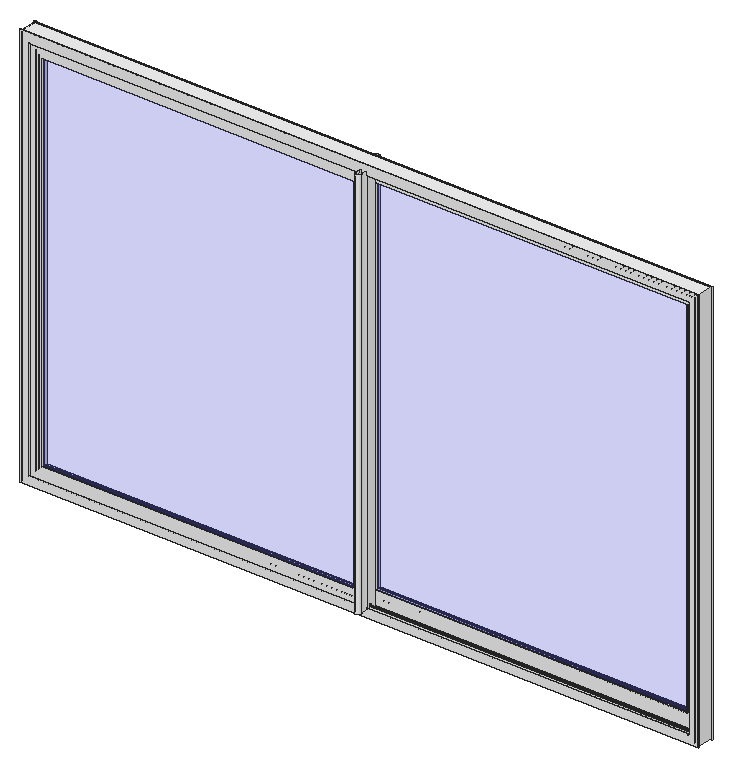
Revit family "1000_Sliding_Window_XO_Standard", category Windows, host Wall, Revit 2014
Parameters (values of type "1000SW-3018XO-2000Pa")
  Windload Design = if(Custom Windload < 1001 mm, 1000 mm, if(Custom Windload < 1501 mm, 1500 mm, 2000 mm))  # 2000 mm
  Width Sash Right [instance] = 1495.7 mm
  Width Sash Left [instance] = 1495.7 mm
  Width = if(Custom Window Width < Limit Window Width Min, Limit Window Width Min, if(Custom Window Width > Limit Window Width Max, Limit Window Width Max, Custom Window Width))  # 2990 mm
  Wall Thickness [instance] = 200 mm
  URL = "http://www.crealco.co.za/crealco-products.php"
  Thermal Resistance (R) [instance] = if(IGDB or SAGDB Number = 1000015, 1.0000 (m²·K)/W / Clearvue U Value, if(IGDB or SAGDB Number = 9922, 1.0000 (m²·K)/W / Energy Advantage U Value, if(IGDB or SAGDB Number = 100100, 1.0000 (m²·K)/W / Intruderprufe U Value, if(IGDB or SAGDB Number = 103200, 1.0000 (m²·K)/W / Intruderprufe LowE U Value, 1.0000 (m²·K)/W / 7.9)))) * 1  # 0.126582 (m²·K)/W
  Standard Interlocker = not(Heavy Duty Interlocker)  # no
  Solar Heat Gain Coefficient [instance] = if(IGDB or SAGDB Number = 1000015, Clearvue SHGC Value, if(IGDB or SAGDB Number = 9922, Energy Advantage SHGC Value, if(IGDB or SAGDB Number = 100100, Intruderprufe SHGC Value, if(IGDB or SAGDB Number = 103200, Intruderprufe LowE SHGC Value, 0))))  # 0
  Sash Width Right = (Width - (2 mm * 28.7) - Sash Width Left) + 58.8 mm  # 1495.7 mm
  Sash Width Left = if(Equal Sash Width, ((Width - (2 mm * 28.7)) / 2) + 29.4 mm, if(Custom Sash Width Left < Limit Sash Width Left Min, Limit Sash Width Left Min, if(Custom Sash Width Left > Limit Sash Width Left Max, Limit Sash Width Left Max, Custom Sash Width Left)))  # 1495.7 mm
  Sash Height = Height - (2 mm * 28.7)  # 1732.6 mm
  Sash Frame Seal = 2 mm  # constant formula
  Overall Width [instance] = 2990 mm
  Overall Height [instance] = 1790 mm
  Model = "1000"  # constant formula
  Max Pane Area = if(Area Right Sash Glazing > Area Left Sash Glazing, Area Right Sash Glazing, Area Left Sash Glazing)  # 2.2768 m²
  Manufacturer = "Crealco"  # constant formula
  Limit Window Width Min = (2 * Limit Sash Width Min) + (2 mm * 28.7) - 58.8 mm  # 598.6 mm
  Limit Window Width Max = (2 * Limit Sash Width Max) + (2 mm * 28.7) - 58.8 mm  # 2998.6 mm
  Limit Window Height Min = Limit Sash Height Min + (2 mm * 28.7)  # 357.4 mm
  Limit Window Height Max = Limit Sash Height Max + (2 mm * 28.7)  # 1857.4 mm
  Limit Sash Width Min = 300 mm  # constant formula
  Limit Sash Width Max = 1500 mm  # constant formula
  Limit Sash Width Left Min = if(Width - (2 mm * 28.7) - Limit Sash Width Max + 58.8 mm < Limit Sash Width Min, Limit Sash Width Min, Width - (2 mm * 28.7) - Limit Sash Width Max + 58.8 mm)  # 1491.4 mm
  Limit Sash Width Left Max = if(Width - (2 mm * 28.7) - Limit Sash Width Min + 58.8 mm > Limit Sash Width Max, Limit Sash Width Max, Width - (2 mm * 28.7) - Limit Sash Width Min + 58.8 mm)  # 1500 mm
  Limit Sash Height Min = 300 mm  # constant formula
  Limit Sash Height Max = 1800 mm  # constant formula
  Is Heavy Duty Mullion = if(Windload Design = 1000 mm, if(and(Width > 1190 mm, Height > 1490 mm), 1 mm, 0 mm), if(Windload Design = 1500 mm, if(or(and(Width > 1490 mm, Height > 1190 mm), Height > 1490 mm), 1 mm, 0 mm), if(or(and(Width > 1190 mm, Height > 1190 mm), Height > 1490 mm), 1 mm, 0 mm)))  # 1 mm
  Intruderprufe U Value = 5.92
  Intruderprufe SHGC Value = 0.698
  Intruderprufe LowE U Value = 4.21
  Intruderprufe LowE SHGC Value = 0.61
  IGDB or SAGDB Number [instance] = 0
  Height Sash [instance] = 1732.6 mm
  Height = if(Custom Window Height < Limit Window Height Min, Limit Window Height Min, if(Custom Window Height > Limit Window Height Max, Limit Window Height Max, Custom Window Height))  # 1790 mm
  Heavy Duty Interlocker = if(Is Heavy Duty Mullion = 1 mm, 1 = 1, 1 = 0)  # yes
  Heat Transfer Coefficient (U) [instance] = if(IGDB or SAGDB Number = 1000015, Clearvue U Value, if(IGDB or SAGDB Number = 9922, Energy Advantage U Value, if(IGDB or SAGDB Number = 100100, Intruderprufe U Value, if(IGDB or SAGDB Number = 103200, Intruderprufe LowE U Value, 7.9)))) * 1.0000 W/(m²·K)  # 7.9000 W/(m²·K)
  Glazing Thickness [instance] = if(IGDB or SAGDB Number = 1000015, 4 mm, if(IGDB or SAGDB Number = 9922, 4 mm, if(IGDB or SAGDB Number = 100100, 6 mm, if(IGDB or SAGDB Number = 103200, 7 mm, if(not(Max Pane Area > 0.75 m²), 4 mm, if(not(Max Pane Area > 1.50 m²), 4 mm, if(not(Max Pane Area > 2.10 m²), 5 mm, if(not(Max Pane Area > 2.90 m²), 6.4 mm, if(not(Max Pane Area > 4.30 m²), 8 mm, 10 mm)))))))))  # 6.4 mm
  Glazing Material [instance] = if(IGDB or SAGDB Number = 1000015, "PFG CLEARVUE 4mm", if(IGDB or SAGDB Number = 9922, "PFG ENERGY ADVANTAGE 4mm LOW-E", if(IGDB or SAGDB Number = 100100, "PFG INTRUDERPRUFE 6.38mm", if(IGDB or SAGDB Number = 103200, "PFG INTRUDERPRUFE LOW-E 7.38mm", "Unknown"))))  # "Unknown"
  Glazing Finish [instance] = Glass
  Glazing Code [instance] = if(IGDB or SAGDB Number = 1000015, "CF4", if(IGDB or SAGDB Number = 9922, "CF4E", if(IGDB or SAGDB Number = 100100, "LAM01", if(IGDB or SAGDB Number = 103200, "LAM01E", "Unknown"))))  # "Unknown"
  Frame Thickness = 75.7 mm  # constant formula
  Frame Offset From Exterior [instance] = Frame Thickness / 2  # 37.85 mm
  Equal Sash Width = yes
  Energy Advantage U Value = 4.41
  Energy Advantage SHGC Value = 0.659
  Description = "Sliding window, XO"  # constant formula
  Default Sill Height = 800 mm
  Wall Closure = By host
  Custom Window Width = 2990 mm
  Custom Window Height = 1790 mm
  Custom Windload = 2000 mm
  Custom Sash Width Left = 0 mm
  Custom Frame Offset From Exterior = 0 mm
  Clearvue U Value = 6.17
  Clearvue SHGC Value = 0.737
  Centered In Wall = yes
  Area Right Sash Glazing = (Sash Width Right - (50.3 mm * 2)) * (Sash Height - (50.3 mm * 2))  # 2.2768 m²
  Area Left Sash Glazing = (Sash Width Left - (50.3 mm * 2)) * (Sash Height - (50.3 mm * 2))  # 2.2768 m²
  Aluminium Finish [instance] = White Powder Coated Aluminium ANP 1052
  All Available Glazing Numbers [instance] = "The rows below list the available glazing materials for this window:"  # constant formula
  9922 [instance] = "CF4E"  # constant formula
  103200 [instance] = "LAM01E"  # constant formula
  100100 [instance] = "LAM01"  # constant formula
  1000015 [instance] = "CF4"  # constant formula
Reference planes
  plane 1 "Center (Front/Back)": y = 0
  plane 2 "Center (Left/Right)": x = 0
  plane 3 "Left": x = -1495
  plane 4 "Right": x = 1495
  plane 5 "Sill": z = 800
  plane 6 "Head": z = 2590
  plane 7 "Exterior": y = 100
  plane 8 "Interior": y = -100
Lines and regions (mm)
  Opening 1
    outline origin (3500, -100, 0) x (1, 0, 0) y (0, 0, 1)
      loop
        line (-2005, 800) -> (-2005, 2590) -> (-4995, 2590) -> (-4995, 800) -> (-2005, 800)
Text (mm)
  text "EXTERIOR" at (-1963.203, 1332.353, 0), in view "Ref. Level"
  text "INTERIOR" at (-1981.466, -818.386, 0), in view "Ref. Level"
  text "Exterior" at (0, 923.751, 2943.296), in view "Right"
  text "Exterior" at (0, 1040.484, 2685.409), in view "Left"
Dimensions and locks
  equal spacing: plane 3 "Left", plane 2 "Center (Left/Right)", plane 4 "Right"
  "Width": plane 3 "Left" to plane 4 "Right"
  "Height": plane 5 "Sill" to plane 6 "Head"
  "Default Sill Height": plane 5 "Sill" to level
  locked: plane 7 "Exterior" to host wall at 0
  locked: plane 8 "Interior" to host wall
  "Overall Height": plane 6 "Head" to plane 5 "Sill"
  "Overall Width": plane 3 "Left" to plane 4 "Right"
  "Frame Offset From Exterior": host wall to nested 1
  "Sash Frame Seal": nested 1 to nested 3
  "Sash Frame Seal": nested 2 to nested 1
  "Width Sash Left": nested 3 to nested 3
  "Width Sash Right": nested 2 to nested 2
  "Height Sash": nested 3 to nested 3
  "Wall Thickness": host wall to host wall
  aligned and locked: nested 1 to nested 3
  aligned and locked: nested 2 to nested 1  (x2)
  aligned and locked: nested 3 to nested 1
  aligned and locked: nested 1 to plane 6 "Head"
  aligned and locked: nested 1 to plane 4 "Right"
  aligned and locked: nested 4 to nested 3  (x3)
  aligned and locked: nested 5 to nested 2
  aligned and locked: nested 2 to nested 5
  aligned and locked: nested 7 to nested 2  (x2)
  aligned and locked: nested 2 to nested 7
  aligned and locked: nested 6 to nested 3  (x3)
  aligned and locked: nested 7 to nested 5
Automatic sketch dimensions
  plane 3 "Left" to Opening 1 sketch curve = 0 mm
  plane 4 "Right" to Opening 1 sketch curve = 0 mm
  Opening 1 sketch curve to plane 5 "Sill" = 0 mm
  Opening 1 sketch curve to plane 6 "Head" = 0 mm
Nested families
  nested 1: "1000_Outer_Frame_With_Lip_XO_Std" at (-1495, -37.85, 800) x (-1, 0, 0) z (0, 0, 1), Width <- "Width", Height <- "Height", Profile Material <- "Aluminium Finish", type "1000_Outer_Frame_With_Lip_XO_Std"
    with Width 2990 mm, Profile Material White Powder Coated Aluminium ANP 1052, Height 1790 mm
  nested 2: "1000_Sash_SG_XO_Std" at (29.401, -2.15, 828.699), Sash Height <- "Sash Height", Sash Width <- "Sash Width Right", Profile Material <- "Aluminium Finish", Glazing Thickness <- "Glazing Thickness", Glazing Material <- "Glazing Finish", type "1000_Sash_SG_XO_Std"
    with Sash Width 1495.7 mm, Sash Height 1732.6 mm, Right Sliding no, Profile Material White Powder Coated Aluminium ANP 1052, Length Arrow Tip 140.919 mm, Length Arrow 465.033 mm, Left Sliding no, Is Sliding no, Glazing Thickness 6.4 mm, Glazing Start -3.2 mm, Glazing Material Glass, Glazing End 3.2 mm, Arrow Tip Length 140.919 mm, Arrow Left Gap 515.333 mm, Arrow Bottom Gap 866.3 mm
  nested 3: "1000_Sash_SG_XO_Std" at (1466.299, 37.85, 828.699), Sash Height <- "Sash Height", Sash Width <- "Sash Width Left", Profile Material <- "Aluminium Finish", Glazing Thickness <- "Glazing Thickness", Glazing Material <- "Glazing Finish", type "1000_Sash_SG_XO_Std"
    with Sash Width 1495.7 mm, Sash Height 1732.6 mm, Right Sliding yes, Profile Material White Powder Coated Aluminium ANP 1052, Length Arrow Tip 140.919 mm, Length Arrow 465.033 mm, Left Sliding no, Is Sliding yes, Glazing Thickness 6.4 mm, Glazing Start -3.2 mm, Glazing Material Glass, Glazing End 3.2 mm, Arrow Tip Length 140.919 mm, Arrow Left Gap 515.333 mm, Arrow Bottom Gap 866.3 mm
  nested 4: "1000_Clip_On_Interlocker_XO_Std" at (1.599, 1.55, 828.699) x (0, 1, 0) z (0, 0, 1), Clip On Interlocker Length <- "Sash Height", visible <- "Standard Interlocker", type "1000_Clip_On_Interlocker_XO_Std"
    with Profile Material none, Clip On Interlocker Length 1732.6 mm
  nested 5: "1000_Clip_On_Interlocker_XO_Std" at (-1.599, 6.15, 828.699) x (0, -1, 0) z (0, 0, 1), Clip On Interlocker Length <- "Sash Height", visible <- "Standard Interlocker", type "1000_Clip_On_Interlocker_XO_Std"
    with Profile Material none, Clip On Interlocker Length 1732.6 mm
  nested 6: "1000_Heavy_Duty_Interlocker_XO_Std" at (119.584, -185.916, 828.699) x (0, 1, 0) z (0, 0, 1), visible <- "Heavy Duty Interlocker", Profile Material <- "Aluminium Finish", Heavy Duty Interlocker Length <- "Sash Height", type "1000_Heavy_Duty_Interlocker_XO_Std"
    with Profile Material White Powder Coated Aluminium ANP 1052, Heavy Duty Interlocker Length 1732.6 mm, Heavy Duty Interlocker yes
  nested 7: "1000_Heavy_Duty_Interlocker_XO_Std" at (-119.584, 193.616, 828.699) x (0, -1, 0) z (0, 0, 1), visible <- "Heavy Duty Interlocker", Profile Material <- "Aluminium Finish", Heavy Duty Interlocker Length <- "Sash Height", type "1000_Heavy_Duty_Interlocker_XO_Std"
    with Profile Material White Powder Coated Aluminium ANP 1052, Heavy Duty Interlocker Length 1732.6 mm, Heavy Duty Interlocker yes
Definition of nested family "1000_Outer_Frame_With_Lip_XO_Std"
  Parameters (values of type "1000_Outer_Frame_With_Lip")
    Width [instance] = 1200 mm
    Profile Material [instance] = none
    Height [instance] = 1800 mm
  Reference planes
    plane 1 "Center (Front/Back)": y = 0
    plane 2: z = 0
    plane 3 "Center (Left/Right)": x = 0
  Forms (mm)
    Sweep 1, solid, material <- "Profile Material"
      path origin (0, 0, 0) x (1, 0, 0) y (0, 0, 1)
        loop
          line (0, 0) -> (0, 1800) -> (-1200, 1800) -> (-1200, 0) -> (0, 0)
      profile origin (-600, 0, 0) x (0, 0, -1) y (0, -1, 0)
        loop
          line (0, 0) -> (0, 1.4) -> (-4.241, 1.4) -> (-4.241, 42) -> (-4.241, 74.3) -> (0, 74.3) -> (0, 75.7) -> (-18.001, 75.7) -> (-18.001, 67.7) -> (-38.001, 67.7) -> (-39.788, 62.338) -> (-39.788, 61.062) -> (-38.001, 55.7) -> (-28.701, 55.7) -> (-28.701, 57.1) -> (-36.887, 57.1) -> (-37.885, 60.095) -> (-37.885, 63.305) -> (-36.887, 66.3) -> (-18.001, 66.3) -> (-18.001, 17.1) -> (-36.887, 17.1) -> (-37.885, 20.095) -> (-37.885, 23.305) -> (-36.887, 26.3) -> (-28.701, 26.3) -> (-28.701, 27.7) -> (-38.001, 27.7) -> (-39.788, 22.338) -> (-39.788, 21.062) -> (-38.001, 15.7) -> (-18.001, 15.7) -> (-18.001, 1.4) -> (-39.751, 1.4) -> (-39.751, 0) -> (0, 0)
        loop
          line (-5.641, 74.3) -> (-16.601, 74.3) -> (-16.601, 1.4) -> (-5.641, 1.4) -> (-5.641, 74.3)
  Lines and regions (mm)
    model lines
      curve 1: line (-1200, -75.7, 1800) -> (-1181.999, -75.7, 1781.999)
      curve 2: line (-18.001, -75.7, 1781.999) -> (0, -75.7, 1800)
      curve 3: line (0, -75.7, 0) -> (-18.001, -75.7, 18.001)
      curve 4: line (-1181.999, -75.7, 18.001) -> (-1200, -75.7, 0)
      curve 5: line (-1181.999, -67.7, 18.001) -> (-1161.999, -67.7, 38.001)
      curve 6: line (-38.001, -67.7, 38.001) -> (-18.001, -67.7, 18.001)
      curve 7: line (-18.001, -67.7, 1781.999) -> (-38.001, -67.7, 1761.999)
      curve 8: line (-1181.999, -67.7, 1781.999) -> (-1161.999, -67.7, 1761.999)
      curve 9: line (0, 0, 1800) -> (-39.788, 0, 1760.212)
      curve 10: line (-1200, 0, 1800) -> (-1160.249, 0, 1760.249)
      curve 11: line (-1200, 0, 0) -> (-1160.249, 0, 39.751)
      curve 12: line (0, 0, 0) -> (-39.788, 0, 39.788)
  Dimensions and locks
    "Width": Sweep 1 sketch curve to Sweep 1 sketch curve
    "Height": Sweep 1 sketch curve to Sweep 1 sketch curve
    aligned and locked: level to plane 2
  Automatic sketch dimensions
    Sweep 1 sketch curve to plane 1 "Center (Front/Back)" = 0 mm
    Sweep 1 sketch curve to profile plane = 0 mm  (x2)
    Sweep 1 sketch curve to Sweep 1 sketch curve = 4.241 mm
    Sweep 1 sketch curve to Sweep 1 sketch curve = 1.4 mm  (x8)
    plane 1 "Center (Front/Back)" to Sweep 1 sketch curve = 1.4 mm  (x2)
    Sweep 1 sketch curve to Sweep 1 sketch curve = 10.96 mm
    Sweep 1 sketch curve to Sweep 1 sketch curve = 0 mm  (x3)
    Sweep 1 sketch curve to Sweep 1 sketch curve = 10.7 mm  (x2)
    Sweep 1 sketch curve to Sweep 1 sketch curve = 8.186 mm  (x4)
    plane 1 "Center (Front/Back)" to Sweep 1 sketch curve = 17.1 mm
    Sweep 1 sketch curve to Sweep 1 sketch curve = 0.998 mm  (x2)
    Sweep 1 sketch curve to Sweep 1 sketch curve = 1.114 mm  (x4)
    Sweep 1 sketch curve to Sweep 1 sketch curve = 1.75 mm
    Sweep 1 sketch curve to Sweep 1 sketch curve = 1.904 mm  (x2)
    Sweep 1 sketch curve to Sweep 1 sketch curve = 2.995 mm  (x4)
    Sweep 1 sketch curve to Sweep 1 sketch curve = 0.967 mm  (x4)
    Sweep 1 sketch curve to Sweep 1 sketch curve = 1.276 mm  (x2)
    Sweep 1 sketch curve to Sweep 1 sketch curve = 14.3 mm
    Sweep 1 sketch curve to Sweep 1 sketch curve = 28 mm
    Sweep 1 sketch curve to Sweep 1 sketch curve = 6.6 mm
    curve 3 to Sweep 1 = 0 mm  (x3)
    Sweep 1 to curve 3 = 0 mm
    curve 2 to Sweep 1 = 0 mm  (x4)
    curve 1 to Sweep 1 = 0 mm  (x4)
    curve 4 to Sweep 1 = 0 mm  (x3)
    Sweep 1 to curve 4 = 0 mm
    curve 7 to Sweep 1 = 0 mm  (x4)
    curve 6 to Sweep 1 = 0 mm  (x3)
    Sweep 1 to curve 6 = 0 mm
    curve 5 to Sweep 1 = 0 mm  (x3)
    Sweep 1 to curve 5 = 0 mm
    curve 8 to Sweep 1 = 0 mm  (x4)
    curve 12 to Sweep 1 = 0 mm  (x2)
    curve 9 to Sweep 1 = 0 mm
    Sweep 1 to curve 9 = 0 mm
    curve 11 to Sweep 1 = 0 mm  (x4)
    curve 10 to Sweep 1 = 0 mm  (x3)
    Sweep 1 to curve 10 = 0 mm
    curve 12 to Sweep 1 = 0.037 mm  (x2)
    curve 9 to Sweep 1 = 0.037 mm  (x2)
    Sweep 1 sketch curve to level = 0 mm
    Sweep 1 sketch curve to plane 3 "Center (Left/Right)" = 0 mm
Definition of nested family "1000_Sash_SG_XO_Std"
  Parameters (values of type "1000_Sash_SG")
    Sash Width [instance] = 450 mm
    Sash Height [instance] = 600 mm
    Right Sliding [instance] = yes
    Profile Material [instance] = White Powder Coated Aluminium ANP 1052
    Length Arrow Tip [instance] = Length Arrow / 3.3  # 35.293 mm
    Length Arrow [instance] = (Sash Width - (2 * 50.3 mm)) / 3  # 116.467 mm
    Left Sliding [instance] = yes
    Is Sliding [instance] = if(or(Right Sliding, Left Sliding), 1 = 1, 1 = 2)  # yes
    Glazing Thickness [instance] = 6.4 mm
    Glazing Start [instance] = -Glazing Thickness / 2  # -3.2 mm
    Glazing Material [instance] = Glass
    Glazing Frame Gap = 5 mm  # constant formula
    Glazing End [instance] = Glazing Thickness / 2  # 3.2 mm
    Arrow Tip Length [instance] = if((Sash Height - (2 * 50.3 mm)) / 8 > Length Arrow / 3.3, Length Arrow / 3.3, (Sash Height - (2 * 50.3 mm)) / 8)  # 35.293 mm
    Arrow Tip Angle = 45.00°
    Arrow Left Gap [instance] = (Sash Width - Length Arrow) / 2  # 166.767 mm
    Arrow Bottom Gap [instance] = Sash Height / 2  # 300 mm
  Reference planes
    plane 1 "Center (Front/Back)": y = 0
    plane 2: z = 0
    plane 3 "Center (Left/Right)": x = 0
    plane 4: y = -14
  Forms (mm)
    Sweep 1, solid, material "White Powder Coated Aluminium ANP 1052" <- "Profile Material"
      path origin (0, 0, 0) x (1, 0, 0) y (0, 0, 1)
        loop
          line (0, 0) -> (0, 600) -> (-450, 600) -> (-450, 0) -> (0, 0)
      profile origin (-225, 0, 0) x (0, 0, -1) y (0, -1, 0)
        loop
          line (-60, 0) -> (0, 0) -> (0, 6) -> (-1.3, 6) -> (-1.3, 1.3) -> (-31.5, 1.3) -> (-31.5, 5) -> (-30, 5) -> (-30, 23) -> (-31.5, 23) -> (-31.5, 26.7) -> (-1.3, 26.7) -> (-1.3, 22) -> (0, 22) -> (0, 28) -> (-60, 28) -> (-60, 20) -> (-58.7, 20) -> (-58.7, 26.7) -> (-45.3, 26.7) -> (-45.3, 1.3) -> (-58.7, 1.3) -> (-58.7, 8) -> (-60, 8) -> (-60, 0)
        loop
          line (-44, 26.7) -> (-44, 1.3) -> (-33, 1.3) -> (-33, 6.3) -> (-31.5, 6.3) -> (-31.5, 21.7) -> (-33, 21.7) -> (-33, 26.7) -> (-44, 26.7)
    Extrusion 2, solid, material "Glass" <- "Glazing Material"
      sketch origin (-1130, -14, 1200) x (-1, 0, 0) y (0, 0, 1)
        loop
          line (-730.3, -650.3) -> (-1079.7, -650.3) -> (-1079.7, -1149.7) -> (-730.3, -1149.7) -> (-730.3, -650.3)
      from -3.2 <- "Glazing Start" to 3.2 <- "Glazing End"
  Lines and regions (mm)
    model lines
      curve 1: line (-390, 0, 540) -> (-450, 0, 600)
      curve 2: line (-60, 0, 540) -> (0, 0, 600)
      curve 3: line (0, 0, 0) -> (-60, 0, 60)
      curve 4: line (-390, 0, 60) -> (-450, 0, 0)
      curve 5: line (-60, -28, 540) -> (0, -28, 600)
      curve 6: line (-390, -28, 540) -> (-450, -28, 600)
      curve 7: line (-450, -28, 0) -> (-390, -28, 60)
      curve 8: line (0, -28, 0) -> (-60, -28, 60)
    model lines, visible <- "Is Sliding"
      curve 9: line (-283.233, -10.8, 300) -> (-166.767, -10.8, 300)
    model lines, visible <- "Left Sliding"
      curve 10: line (-166.767, -10.8, 300) -> (-191.723, -10.8, 324.956)
      curve 11: line (-166.767, -10.8, 300) -> (-191.723, -10.8, 275.044)
    model lines, visible <- "Right Sliding"
      curve 12: line (-283.233, -10.8, 300) -> (-258.277, -10.8, 324.956)
      curve 13: line (-283.233, -10.8, 300) -> (-258.277, -10.8, 275.044)
  Dimensions and locks
    "Sash Width": Sweep 1 sketch curve to Sweep 1 sketch curve
    "Sash Height": Sweep 1 sketch curve to Sweep 1 sketch curve
    "Glazing Frame Gap": Sweep 1 to Extrusion 2 sketch curve
    "Glazing Frame Gap": Extrusion 2 sketch curve to Sweep 1  (x3)
    "Length Arrow": curve 9 to curve 9
    "Arrow Left Gap": plane 3 "Center (Left/Right)" to curve 9
    "Arrow Bottom Gap": level to curve 9
    "Arrow Tip Length": curve 11 to curve 10
    "Arrow Tip Length": curve 11 to curve 11
    "Length Arrow Tip": curve 13 to curve 13
    "Length Arrow Tip": curve 13 to curve 12
    "Arrow Tip Angle": angle curve 11 to curve 9
    "Arrow Tip Angle": angle curve 9 to curve 10
    "Arrow Tip Angle": angle curve 12 to curve 9
    "Arrow Tip Angle": angle curve 9 to curve 13
    aligned and locked: level to plane 2
  Automatic sketch dimensions
    curve 2 to Sweep 1 = 0 mm  (x4)
    curve 3 to Sweep 1 = 0 mm  (x3)
    Sweep 1 to curve 3 = 0 mm
    curve 1 to Sweep 1 = 0 mm  (x4)
    curve 4 to Sweep 1 = 0 mm  (x3)
    Sweep 1 to curve 4 = 0 mm
    curve 8 to Sweep 1 = 0 mm  (x4)
    curve 5 to Sweep 1 = 0 mm  (x3)
    Sweep 1 to curve 5 = 0 mm
    curve 7 to Sweep 1 = 0 mm  (x4)
    curve 6 to Sweep 1 = 0 mm  (x3)
    Sweep 1 to curve 6 = 0 mm
    Sweep 1 sketch curve to plane 1 "Center (Front/Back)" = 0 mm
    Sweep 1 sketch curve to profile plane = 0 mm  (x2)
    profile plane to Sweep 1 sketch curve = 1.3 mm
    Sweep 1 sketch curve to Sweep 1 sketch curve = 1.3 mm  (x7)
    Sweep 1 sketch curve to Sweep 1 sketch curve = 28.7 mm
    plane 1 "Center (Front/Back)" to Sweep 1 sketch curve = 1.3 mm  (x2)
    Sweep 1 sketch curve to Sweep 1 sketch curve = 1.5 mm  (x5)
    Sweep 1 sketch curve to Sweep 1 sketch curve = 11 mm
    Sweep 1 sketch curve to Sweep 1 sketch curve = 13.4 mm  (x2)
    Sweep 1 sketch curve to Sweep 1 sketch curve = 0 mm
    Sweep 1 sketch curve to Sweep 1 sketch curve = 3.7 mm
    Sweep 1 sketch curve to Sweep 1 sketch curve = 4.7 mm  (x2)
    Sweep 1 sketch curve to Sweep 1 sketch curve = 6.7 mm  (x2)
    Sweep 1 sketch curve to Sweep 1 sketch curve = 12 mm
    Sweep 1 sketch curve to Sweep 1 sketch curve = 15.4 mm
    Sweep 1 sketch curve to Sweep 1 sketch curve = 16 mm
    Sweep 1 sketch curve to Sweep 1 sketch curve = 5 mm
    Sweep 1 sketch curve to level = 0 mm
    Sweep 1 sketch curve to plane 3 "Center (Left/Right)" = 0 mm
Definition of nested family "1000_Clip_On_Interlocker_XO_Std"
  Parameters (values of type "1000_Clip_On_Interlocker")
    Profile Material [instance] = none
    Notch Width = 13.1 mm  # constant formula
    Notch Side Gap = 4.8 mm  # constant formula
    Notch Height = 20 mm  # constant formula
    Clip On Interlocker Length [instance] = 250 mm
  Reference planes
    plane 1 "Center (Front/Back)": y = 0
    plane 2: z = 0
    plane 3 "Center (Left/Right)": x = 0
  Forms (mm)
    Extrusion 1, solid, material <- "Profile Material"
      sketch origin (0, 0, 0) x (1, 0, 0) y (0, 1, 0)
        loop
          line (0, 32.2) -> (0, 24.6) -> (6.9, 24.6) -> (6.9, 10) -> (0, 10) -> (0, 0) -> (1.2, 0) -> (1.2, 8.8) -> (6.9, 8.8) -> (6.9, 5.7) -> (8.3, 5.7) -> (8.3, 25.8) -> (1.2, 25.8) -> (1.2, 31) -> (14.6, 31) -> (14.6, 24.5) -> (15.775, 24.5) -> (15.775, 31) -> (28.875, 31) -> (28.875, 24.5) -> (30, 24.5) -> (30, 31) -> (33.7, 31) -> (33.7, 32.2) -> (0, 32.2)
      from 0 to 250 <- "Clip On Interlocker Length"
    Extrusion 2, void
      sketch origin (33.075, 32.2, 0) x (1, 0, 0) y (0, 0, 1)
        loop
          line (-4.175, 250) -> (-17.275, 250) -> (-17.275, 230) -> (-4.175, 230) -> (-4.175, 250)
        loop
          line (-4.175, 0) -> (-4.175, 20) -> (-17.275, 20) -> (-17.275, 0) -> (-4.175, 0)
      from 0 to 2
  Cuts and joins
    Extrusion 2 cuts Extrusion 1
  Dimensions and locks
    "Notch Side Gap": Extrusion 1 to Extrusion 2 sketch curve  (x2)
    "Notch Width": Extrusion 2 sketch curve to Extrusion 2 sketch curve  (x2)
    "Notch Height": Extrusion 1 to Extrusion 2 sketch curve
    "Notch Height": Extrusion 2 sketch curve to Extrusion 1
    aligned and locked: level to plane 2
    aligned and locked: Extrusion 1 to Extrusion 2 sketch curve
    aligned and locked: Extrusion 2 sketch curve to Extrusion 1
  Automatic sketch dimensions
    Extrusion 1 sketch curve to plane 3 "Center (Left/Right)" = 0 mm  (x2)
    plane 1 "Center (Front/Back)" to Extrusion 1 sketch curve = 0 mm
    plane 3 "Center (Left/Right)" to Extrusion 1 sketch curve = 1.2 mm  (x2)
    Extrusion 1 sketch curve to Extrusion 1 sketch curve = 5.7 mm
    Extrusion 1 sketch curve to Extrusion 1 sketch curve = 0 mm  (x3)
    Extrusion 1 sketch curve to Extrusion 1 sketch curve = 1.4 mm
    Extrusion 1 sketch curve to Extrusion 1 sketch curve = 6.3 mm
    Extrusion 1 sketch curve to Extrusion 1 sketch curve = 1.175 mm
    Extrusion 1 sketch curve to Extrusion 1 sketch curve = 13.1 mm
    Extrusion 1 sketch curve to Extrusion 1 sketch curve = 1.125 mm
    Extrusion 1 sketch curve to Extrusion 1 sketch curve = 3.7 mm
    Extrusion 1 sketch curve to plane 1 "Center (Front/Back)" = 5.7 mm
    Extrusion 1 sketch curve to Extrusion 1 sketch curve = 3.1 mm
    Extrusion 1 sketch curve to Extrusion 1 sketch curve = 1.2 mm  (x3)
    Extrusion 1 sketch curve to Extrusion 1 sketch curve = 14.5 mm
    Extrusion 1 sketch curve to Extrusion 1 sketch curve = 14.6 mm
    Extrusion 1 sketch curve to Extrusion 1 sketch curve = 6.5 mm  (x2)
Definition of nested family "1000_Heavy_Duty_Interlocker_XO_Std"
  Parameters (values of type "1000_Heavy_Duty_Interlocker")
    Profile Material [instance] = none
    Notch Width = 13 mm  # constant formula
    Notch Side Gap = 15.8 mm  # constant formula
    Notch Height = 20 mm  # constant formula
    Heavy Duty Interlocker Length [instance] = 250 mm
    Heavy Duty Interlocker [instance] = yes
  Reference planes
    plane 1 "Center (Front/Back)": y = 0
    plane 2: z = 0
    plane 3 "Center (Left/Right)": x = 0
  Forms (mm)
    Extrusion 1, solid, material <- "Profile Material", visible <- "Heavy Duty Interlocker"
      sketch origin (374.931, 0, 0) x (-1, 0, 0) y (0, -1, 0)
        loop
          line (158.706, -148.985) -> (158.706, -145.885) -> (157.506, -145.885) -> (157.506, -148.985) -> (151.156, -148.985) -> (151.156, -122.127)
          arc (151.156, -122.127) -> (134.132, -124.551) -> (116.984, -123.281) r 80
          arc (116.984, -123.281) -> (104.109, -136.156) -> (116.984, -149.031) r 12.875
          arc (116.984, -149.031) -> (134.132, -147.761) -> (151.156, -150.185) r 80
          line (151.156, -150.185) -> (187.466, -150.185) -> (187.466, -139.985) -> (186.266, -139.985) -> (186.266, -142.585) -> (180.266, -142.585) -> (180.266, -127.985) -> (186.266, -127.985) -> (186.266, -130.585) -> (187.466, -130.585) -> (187.466, -117.985) -> (186.266, -117.985) -> (186.266, -126.785) -> (180.266, -126.785) -> (180.266, -123.685) -> (179.166, -123.685) -> (179.166, -143.785) -> (186.266, -143.785) -> (186.266, -148.985) -> (172.841, -148.985) -> (172.841, -145.885) -> (171.641, -145.885) -> (171.641, -148.985) -> (158.706, -148.985)
        loop
          arc (149.756, -124.533) -> (149.569, -124.143) -> (149.147, -124.045) r 0.5
          arc (149.147, -124.045) -> (141.472, -125.375) -> (133.704, -125.964) r 81.4
          arc (133.704, -125.964) -> (125.312, -125.766) -> (116.984, -124.704) r 81.4
          arc (116.984, -124.704) -> (105.532, -136.156) -> (116.984, -147.608) r 11.452
          arc (116.984, -147.608) -> (125.312, -146.546) -> (133.704, -146.347) r 81.4
          arc (133.704, -146.347) -> (141.472, -146.937) -> (149.147, -148.266) r 81.4
          arc (149.147, -148.266) -> (149.569, -148.169) -> (149.756, -147.778) r 0.5
          line (149.756, -147.778) -> (149.756, -124.533)
      from 0 to 250 <- "Heavy Duty Interlocker Length"
    Extrusion 2, void
      sketch origin (187.466, 150.185, 0) x (-1, 0, 0) y (0, 0, -1)
        loop
          line (-15.825, -250) -> (-15.825, -230) -> (-28.76, -230) -> (-28.76, -250) -> (-15.825, -250)
        loop
          line (-15.825, 0) -> (-28.76, 0) -> (-28.76, -20) -> (-15.825, -20) -> (-15.825, 0)
      from 0 to 250
  Cuts and joins
    Extrusion 2 cuts Extrusion 1
  Dimensions and locks
    "Notch Height": Extrusion 2 sketch curve to Extrusion 1
    "Notch Height": Extrusion 1 to Extrusion 2 sketch curve
    aligned and locked: level to plane 2
  Automatic sketch dimensions
    Extrusion 1 sketch curve to Extrusion 1 sketch curve = 0 mm  (x22)
    plane 1 "Center (Front/Back)" to Extrusion 1 sketch curve = 136.156 mm
    Extrusion 1 sketch curve to plane 3 "Center (Left/Right)" = 257.947 mm
    Extrusion 1 sketch curve to Extrusion 1 sketch curve = 14.448 mm  (x2)
    plane 1 "Center (Front/Back)" to Extrusion 1 sketch curve = 44.596 mm
    Extrusion 1 sketch curve to Extrusion 1 sketch curve = 32.272 mm
    Extrusion 1 sketch curve to Extrusion 1 sketch curve = 0.5 mm
    Extrusion 1 sketch curve to Extrusion 1 sketch curve = 1.4 mm
    Extrusion 1 sketch curve to Extrusion 1 sketch curve = 6.35 mm
    Extrusion 1 sketch curve to Extrusion 1 sketch curve = 1.2 mm  (x7)
    Extrusion 1 sketch curve to Extrusion 1 sketch curve = 12.935 mm
    Extrusion 1 sketch curve to Extrusion 1 sketch curve = 6.325 mm
    Extrusion 1 sketch curve to Extrusion 1 sketch curve = 1.1 mm
    Extrusion 1 sketch curve to Extrusion 1 sketch curve = 6 mm  (x2)
    Extrusion 1 sketch curve to Extrusion 1 sketch curve = 18.171 mm
    Extrusion 1 sketch curve to Extrusion 1 sketch curve = 4.142 mm
    Extrusion 1 sketch curve to Extrusion 1 sketch curve = 5.7 mm
    Extrusion 1 sketch curve to Extrusion 1 sketch curve = 2.407 mm
    Extrusion 1 sketch curve to Extrusion 1 sketch curve = 3.1 mm  (x2)
    Extrusion 1 sketch curve to Extrusion 1 sketch curve = 2.6 mm  (x2)
    Extrusion 1 sketch curve to Extrusion 1 sketch curve = 9.4 mm
    Extrusion 1 sketch curve to Extrusion 1 sketch curve = 2.1 mm
    Extrusion 1 sketch curve to Extrusion 1 sketch curve = 1.893 mm
    Extrusion 1 sketch curve to Extrusion 1 sketch curve = 5.2 mm
    Extrusion 1 sketch curve to Extrusion 1 sketch curve = 15.443 mm  (x2)
    Extrusion 2 sketch curve to Extrusion 1 = 0 mm  (x2)
    Extrusion 2 sketch curve to Extrusion 1 = 7.55 mm  (x2)
    Extrusion 2 sketch curve to Extrusion 2 sketch curve = 12.935 mm  (x2)
Types (121, lengths in mm): name | Windload Design | Width Sash Right | Width Sash Left | Width | Standard Interlocker | Sash Width Right | Sash Width Left | Sash Height | Overall Width | Overall Height | Max Pane Area | Limit Sash Width Left Min | Limit Sash Width Left Max | Is Heavy Duty Mullion | Intruderprufe U Value | Intruderprufe SHGC Value | Intruderprufe LowE U Value | Intruderprufe LowE SHGC Value | Height Sash | Height | Heavy Duty Interlocker | Glazing Thickness | Energy Advantage U Value | Energy Advantage SHGC Value | Custom Window Width | Custom Window Height | Custom Windload | Clearvue U Value | Clearvue SHGC Value | Area Right Sash Glazing | Area Left Sash Glazing
  (no name) | 2000 | 1495.7 | 1495.7 | 2990 | no | 1495.7 | 1495.7 | 1732.6 | 2990 | 1790 | 2.2768 m² | 1491.4 | 1500 | 1 | 5.92 | 0.698 | 4.21 | 0.61 | 1732.6 | 1790 | yes | 6.4 | 4.41 | 0.659 | 2990 | 1790 | 2000 | 6.17 | 0.737 | 2.2768 m² | 2.2768 m²
  1000SW-0906XO-1000Pa | 1000 | 1500 | 1500 | 890 | yes | 445.7 | 445.7 | 532.6 | 2998.6 | 1857.4 | 0.149083 m² | 300 | 591.4 | 0 | 6.2 | 0.492 | 5.22 | 0.429 | 1800 | 590 | no | 4 | 5.64 | 0.469 | 890 | 590 | 1000 | 6.66 | 0.521 | 0.149083 m² | 0.149083 m²
  1000SW-1206XO-1000Pa | 1000 | 1500 | 1500 | 1190 | yes | 595.7 | 595.7 | 532.6 | 2998.6 | 1857.4 | 0.213883 m² | 300 | 891.4 | 0 | 6.22 | 0.515 | 5.14 | 0.449 | 1800 | 590 | no | 4 | 5.56 | 0.491 | 1190 | 590 | 1000 | 6.69 | 0.546 | 0.213883 m² | 0.213883 m²
  1000SW-1506XO-1000Pa | 1000 | 1500 | 1500 | 1490 | yes | 745.7 | 745.7 | 532.6 | 2998.6 | 1857.4 | 0.278683 m² | 300 | 1191.4 | 0 | 6.23 | 0.529 | 5.08 | 0.461 | 1800 | 590 | no | 4 | 5.52 | 0.505 | 1490 | 590 | 1000 | 6.71 | 0.562 | 0.278683 m² | 0.278683 m²
  1000SW-1806XO-1000Pa | 1000 | 1500 | 1500 | 1790 | yes | 895.7 | 895.7 | 532.6 | 2998.6 | 1857.4 | 0.343483 m² | 300 | 1491.4 | 0 | 6.24 | 0.539 | 5.05 | 4.69 | 1800 | 590 | no | 4 | 5.49 | 0.513 | 1790 | 590 | 1000 | 6.73 | 0.572 | 0.343483 m² | 0.343483 m²
  1000SW-2106XO-1000Pa | 1000 | 1500 | 1500 | 2090 | yes | 1045.7 | 1045.7 | 532.6 | 2998.6 | 1857.4 | 0.408283 m² | 591.4 | 1500 | 0 | 6.24 | 0.545 | 5.02 | 0.474 | 1800 | 590 | no | 4 | 5.47 | 0.52 | 2090 | 590 | 1000 | 6.74 | 0.579 | 0.408283 m² | 0.408283 m²
  1000SW-2406XO-1000Pa | 1000 | 1500 | 1500 | 2390 | yes | 1195.7 | 1195.7 | 532.6 | 2998.6 | 1857.4 | 0.473083 m² | 891.4 | 1500 | 0 | 6.25 | 0.55 | 5 | 0.479 | 1800 | 590 | no | 4 | 5.46 | 0.524 | 2390 | 590 | 1000 | 6.75 | 0.584 | 0.473083 m² | 0.473083 m²
  1000SW-2706XO-1000Pa | 1000 | 1500 | 1500 | 2690 | yes | 1345.7 | 1345.7 | 532.6 | 2998.6 | 1857.4 | 0.537883 m² | 1191.4 | 1500 | 0 | 6.25 | 0.544 | 4.99 | 0.482 | 1800 | 590 | no | 4 | 5.44 | 0.528 | 2690 | 590 | 1000 | 6.75 | 0.588 | 0.537883 m² | 0.537883 m²
  1000SW-3006XO-1000Pa | 1000 | 1500 | 1500 | 2990 | yes | 1495.7 | 1495.7 | 532.6 | 2998.6 | 1857.4 | 0.602683 m² | 1491.4 | 1500 | 0 | 6.25 | 0.557 | 4.98 | 0.484 | 1800 | 590 | no | 4 | 5.43 | 0.531 | 2990 | 590 | 1000 | 6.76 | 0.592 | 0.602683 m² | 0.602683 m²
  1000SW-0909XO-1000Pa | 1000 | 1500 | 1500 | 890 | yes | 445.7 | 445.7 | 832.6 | 2998.6 | 1857.4 | 0.252613 m² | 300 | 591.4 | 0 | 6.05 | 0.554 | 4.91 | 0.485 | 1800 | 890 | no | 4 | 5.21 | 0.525 | 890 | 890 | 1000 | 6.4 | 0.585 | 0.252613 m² | 0.252613 m²
  1000SW-1209XO-1000Pa | 1000 | 1500 | 1500 | 1190 | yes | 595.7 | 595.7 | 832.6 | 2998.6 | 1857.4 | 0.362413 m² | 300 | 891.4 | 0 | 6.06 | 0.58 | 4.8 | 0.507 | 1800 | 890 | no | 4 | 5.11 | 0.55 | 1190 | 890 | 1000 | 6.42 | 0.614 | 0.362413 m² | 0.362413 m²
  1000SW-1509XO-1000Pa | 1000 | 1500 | 1500 | 1490 | yes | 745.7 | 745.7 | 832.6 | 2998.6 | 1857.4 | 0.472213 m² | 300 | 1191.4 | 0 | 6.07 | 0.596 | 4.73 | 0.521 | 1800 | 890 | no | 4 | 5.04 | 0.565 | 1490 | 890 | 1000 | 6.43 | 0.631 | 0.472213 m² | 0.472213 m²
  1000SW-1809XO-1000Pa | 1000 | 1500 | 1500 | 1790 | yes | 895.7 | 895.7 | 832.6 | 2998.6 | 1857.4 | 0.582013 m² | 300 | 1491.4 | 0 | 6.08 | 0.607 | 4.68 | 0.53 | 1800 | 890 | no | 4 | 5 | 0.575 | 1790 | 890 | 1000 | 6.44 | 0.642 | 0.582013 m² | 0.582013 m²
  1000SW-2109XO-1000Pa | 1000 | 1500 | 1500 | 2090 | yes | 1045.7 | 1045.7 | 832.6 | 2998.6 | 1857.4 | 0.691813 m² | 591.4 | 1500 | 0 | 6.08 | 0.614 | 4.65 | 0.536 | 1800 | 890 | no | 4 | 4.97 | 0.583 | 2090 | 890 | 1000 | 6.45 | 0.65 | 0.691813 m² | 0.691813 m²
  1000SW-2409XO-1000Pa | 1000 | 1500 | 1500 | 2390 | yes | 1195.7 | 1195.7 | 832.6 | 2998.6 | 1857.4 | 0.801613 m² | 891.4 | 1500 | 0 | 6.08 | 0.62 | 4.62 | 0.541 | 1800 | 890 | no | 4 | 4.95 | 0.588 | 2390 | 890 | 1000 | 6.45 | 0.656 | 0.801613 m² | 0.801613 m²
  1000SW-2709XO-1000Pa | 1000 | 1500 | 1500 | 2690 | yes | 1345.7 | 1345.7 | 832.6 | 2998.6 | 1857.4 | 0.911413 m² | 1191.4 | 1500 | 0 | 6.08 | 0.624 | 4.61 | 0.545 | 1800 | 890 | no | 4 | 4.93 | 0.592 | 2690 | 890 | 1000 | 6.46 | 0.661 | 0.911413 m² | 0.911413 m²
  1000SW-3009XO-1000Pa | 1000 | 1500 | 1500 | 2990 | yes | 1495.7 | 1495.7 | 832.6 | 2998.6 | 1857.4 | 1.02121 m² | 1491.4 | 1500 | 0 | 6.08 | 0.628 | 4.59 | 0.548 | 1800 | 890 | no | 4 | 4.92 | 0.595 | 2990 | 890 | 1000 | 6.46 | 0.665 | 1.02121 m² | 1.02121 m²
  1000SW-0912XO-1000Pa | 1000 | 1500 | 1500 | 890 | yes | 445.7 | 445.7 | 1132.6 | 2998.6 | 1857.4 | 0.356143 m² | 300 | 591.4 | 0 | 5.98 | 0.584 | 4.76 | 0.512 | 1800 | 1190 | no | 4 | 5 | 0.553 | 890 | 1190 | 1000 | 6.27 | 0.616 | 0.356143 m² | 0.356143 m²
  1000SW-1212XO-1000Pa | 1000 | 1500 | 1500 | 1190 | yes | 595.7 | 595.7 | 1132.6 | 2998.6 | 1857.4 | 0.510943 m² | 300 | 891.4 | 0 | 5.99 | 0.613 | 4.63 | 0.536 | 1800 | 1190 | no | 4 | 4.88 | 0.58 | 1190 | 1190 | 1000 | 6.29 | 0.647 | 0.510943 m² | 0.510943 m²
  1000SW-1512XO-1000Pa | 1000 | 1500 | 1500 | 1490 | yes | 745.7 | 745.7 | 1132.6 | 2998.6 | 1857.4 | 0.665743 m² | 300 | 1191.4 | 0 | 5.99 | 0.629 | 4 | 0.55 | 1800 | 1190 | no | 4 | 4.81 | 0.596 | 1490 | 1190 | 1000 | 6.3 | 0.665 | 0.665743 m² | 0.665743 m²
  1000SW-1812XO-1000Pa | 1000 | 1500 | 1500 | 1790 | yes | 895.7 | 895.7 | 1132.6 | 2998.6 | 1857.4 | 0.820543 m² | 300 | 1491.4 | 0 | 5.99 | 0.641 | 4.5 | 0.56 | 1800 | 1190 | no | 4 | 4.76 | 0.606 | 1790 | 1190 | 1000 | 6.3 | 0.677 | 0.820543 m² | 0.820543 m²
  1000SW-2112XO-1000Pa | 1000 | 1500 | 1500 | 2090 | yes | 1045.7 | 1045.7 | 1132.6 | 2998.6 | 1857.4 | 0.975343 m² | 591.4 | 1500 | 0 | 6 | 0.649 | 4.46 | 0.567 | 1800 | 1190 | no | 4 | 4.72 | 0.614 | 2090 | 1190 | 1000 | 6.31 | 0.686 | 0.975343 m² | 0.975343 m²
  1000SW-2412XO-1000Pa | 1000 | 1500 | 1500 | 2390 | yes | 1195.7 | 1195.7 | 1132.6 | 2998.6 | 1857.4 | 1.13014 m² | 891.4 | 1500 | 0 | 6 | 0.655 | 4.44 | 0.572 | 1800 | 1190 | no | 4 | 4.7 | 0.619 | 2390 | 1190 | 1000 | 6.31 | 0.692 | 1.13014 m² | 1.13014 m²
  1000SW-2712XO-1000Pa | 1000 | 1500 | 1500 | 2690 | yes | 1345.7 | 1345.7 | 1132.6 | 2998.6 | 1857.4 | 1.28494 m² | 1191.4 | 1500 | 0 | 6 | 0.659 | 4.42 | 0.576 | 1800 | 1190 | no | 4 | 4.68 | 0.624 | 2690 | 1190 | 1000 | 6.31 | 0.679 | 1.28494 m² | 1.28494 m²
  1000SW-3012XO-1000Pa | 1000 | 1500 | 1500 | 2990 | yes | 1495.7 | 1495.7 | 1132.6 | 2998.6 | 1857.4 | 1.43974 m² | 1491.4 | 1500 | 0 | 6 | 0.663 | 4.4 | 0.579 | 1800 | 1190 | no | 4 | 4.66 | 0.627 | 2990 | 1190 | 1000 | 6.31 | 0.701 | 1.43974 m² | 1.43974 m²
  1000SW-0915XO-1000Pa | 1000 | 1500 | 1500 | 890 | yes | 445.7 | 445.7 | 1432.6 | 2998.6 | 1857.4 | 0.459673 m² | 300 | 591.4 | 0 | 5.94 | 0.603 | 4.67 | 0.528 | 1800 | 1490 | no | 4 | 4.87 | 0.57 | 890 | 1490 | 1000 | 6.19 | 0.635 | 0.459673 m² | 0.459673 m²
  1000SW-1215XO-1000Pa | 1000 | 1500 | 1500 | 1190 | yes | 595.7 | 595.7 | 1432.6 | 2998.6 | 1857.4 | 0.659473 m² | 300 | 891.4 | 0 | 5.94 | 0.632 | 4.53 | 0.553 | 1800 | 1490 | no | 4 | 4.74 | 0.597 | 1190 | 1490 | 1000 | 6.2 | 0.667 | 0.659473 m² | 0.659473 m²
  1000SW-1515XO-1000Pa | 1000 | 1500 | 1500 | 1490 | yes | 745.7 | 745.7 | 1432.6 | 2998.6 | 1857.4 | 0.859273 m² | 300 | 1191.4 | 0 | 5.94 | 0.649 | 4.45 | 0.568 | 1800 | 1490 | no | 4 | 4.66 | 0.614 | 1490 | 1490 | 1000 | 6.21 | 0.685 | 0.859273 m² | 0.859273 m²
  1000SW-1815XO-1000Pa | 1000 | 1500 | 1500 | 1790 | yes | 895.7 | 895.7 | 1432.6 | 2998.6 | 1857.4 | 1.05907 m² | 300 | 1491.4 | 0 | 5.95 | 0.661 | 4.39 | 0.578 | 1800 | 1490 | no | 4 | 4.61 | 0.625 | 1790 | 1490 | 1000 | 6.22 | 0.693 | 1.05907 m² | 1.05907 m²
  1000SW-2115XO-1000Pa | 1000 | 1500 | 1500 | 2090 | yes | 1045.7 | 1045.7 | 1432.6 | 2998.6 | 1857.4 | 1.25887 m² | 591.4 | 1500 | 0 | 5.95 | 0.669 | 4.35 | 0.585 | 1800 | 1490 | no | 4 | 6.32 | 0.632 | 2090 | 1490 | 1000 | 6.22 | 0.707 | 1.25887 m² | 1.25887 m²
  1000SW-2415XO-1000Pa | 1000 | 1500 | 1500 | 2390 | yes | 1195.7 | 1195.7 | 1432.6 | 2998.6 | 1857.4 | 1.45867 m² | 891.4 | 1500 | 0 | 5.95 | 0.675 | 4.33 | 0.59 | 1800 | 1490 | no | 4 | 4.55 | 0.638 | 2390 | 1490 | 1000 | 6.22 | 0.713 | 1.45867 m² | 1.45867 m²
  1000SW-2715XO-1000Pa | 1000 | 1500 | 1500 | 2690 | yes | 1345.7 | 1345.7 | 1432.6 | 2998.6 | 1857.4 | 1.65847 m² | 1191.4 | 1500 | 0 | 5.95 | 0.68 | 4.3 | 0.594 | 1800 | 1490 | no | 5 | 4.53 | 0.643 | 2690 | 1490 | 1000 | 6.23 | 0.719 | 1.65847 m² | 1.65847 m²
  1000SW-3015XO-1000Pa | 1000 | 1500 | 1500 | 2990 | yes | 1495.7 | 1495.7 | 1432.6 | 2998.6 | 1857.4 | 1.85827 m² | 1491.4 | 1500 | 0 | 5.95 | 0.684 | 4.28 | 0.598 | 1800 | 1490 | no | 5 | 4.51 | 0.646 | 2990 | 1490 | 1000 | 6.23 | 0.723 | 1.85827 m² | 1.85827 m²
  1000SW-1518XO-1000Pa | 1000 | 895.7 | 895.7 | 1490 | no | 745.7 | 745.7 | 1732.6 | 1790 | 1190 | 1.0528 m² | 300 | 1191.4 | 1 | 5.91 | 0.662 | 4.38 | 0.58 | 1132.6 | 1790 | yes | 4 | 4.57 | 0.626 | 1490 | 1790 | 1000 | 6.16 | 0.699 | 1.0528 m² | 1.0528 m²
  1000SW-1818XO-1000Pa | 1000 | 895.7 | 895.7 | 1790 | no | 895.7 | 895.7 | 1732.6 | 1790 | 1190 | 1.2976 m² | 300 | 1491.4 | 1 | 5.91 | 0.674 | 4.32 | 0.59 | 1132.6 | 1790 | yes | 4 | 4.52 | 0.637 | 1790 | 1790 | 1000 | 6.16 | 0.712 | 1.2976 m² | 1.2976 m²
  1000SW-2118XO-1000Pa | 1000 | 895.7 | 895.7 | 2090 | no | 1045.7 | 1045.7 | 1732.6 | 1790 | 1190 | 1.5424 m² | 591.4 | 1500 | 1 | 5.92 | 0.683 | 4.28 | 0.597 | 1132.6 | 1790 | yes | 5 | 4.48 | 0.645 | 2090 | 1790 | 1000 | 6.16 | 0.721 | 1.5424 m² | 1.5424 m²
  1000SW-2418XO-1000Pa | 1000 | 895.7 | 895.7 | 2390 | no | 1195.7 | 1195.7 | 1732.6 | 1790 | 1190 | 1.7872 m² | 891.4 | 1500 | 1 | 5.95 | 0.689 | 4.28 | 0.425 | 1132.6 | 1790 | yes | 5 | 4.45 | 0.651 | 2390 | 1790 | 1000 | 6.17 | 0.728 | 1.7872 m² | 1.7872 m²
  1000SW-2718XO-1000Pa | 1000 | 895.7 | 895.7 | 2690 | no | 1345.7 | 1345.7 | 1732.6 | 1790 | 1190 | 2.032 m² | 1191.4 | 1500 | 1 | 5.92 | 0.694 | 4.23 | 0.607 | 1132.6 | 1790 | yes | 5 | 4.43 | 0.655 | 2690 | 1790 | 1000 | 6.17 | 0.733 | 2.032 m² | 2.032 m²
  1000SW-3018XO-1000Pa | 1000 | 1495.7 | 1495.7 | 2990 | no | 1495.7 | 1495.7 | 1732.6 | 2990 | 1790 | 2.2768 m² | 1491.4 | 1500 | 1 | 5.92 | 0.698 | 4.21 | 0.61 | 1732.6 | 1790 | yes | 6.4 | 4.41 | 0.659 | 2990 | 1790 | 1000 | 6.17 | 0.737 | 2.2768 m² | 2.2768 m²
  1000SW-0918XO-1000Pa | 1000 | 1500 | 1500 | 890 | yes | 445.7 | 445.7 | 1732.6 | 2998.6 | 1857.4 | 0.563203 m² | 300 | 591.4 | 0 | 5.91 | 0.615 | 4.61 | 0.539 | 1800 | 1790 | no | 4 | 4.79 | 0.581 | 890 | 1790 | 1000 | 6.14 | 0.648 | 0.563203 m² | 0.563203 m²
  1000SW-1218XO-1000Pa | 1000 | 1500 | 1500 | 1190 | yes | 595.7 | 595.7 | 1732.6 | 2998.6 | 1857.4 | 0.808003 m² | 300 | 891.4 | 0 | 5.91 | 0.645 | 4.46 | 0.565 | 1800 | 1790 | no | 4 | 4.65 | 0.609 | 1190 | 1790 | 1000 | 6.15 | 0.68 | 0.808003 m² | 0.808003 m²
  1000SW-0906XO-1500Pa | 1500 | 1500 | 1500 | 890 | yes | 445.7 | 445.7 | 532.6 | 2998.6 | 1857.4 | 0.149083 m² | 300 | 591.4 | 0 | 6.2 | 0.492 | 5.22 | 0.429 | 1800 | 590 | no | 4 | 5.64 | 0.469 | 890 | 590 | 1500 | 6.66 | 0.521 | 0.149083 m² | 0.149083 m²
  1000SW-0906XO-2000Pa | 2000 | 1500 | 1500 | 890 | yes | 445.7 | 445.7 | 532.6 | 2998.6 | 1857.4 | 0.149083 m² | 300 | 591.4 | 0 | 6.2 | 0.492 | 5.22 | 0.429 | 1800 | 590 | no | 4 | 5.64 | 0.469 | 890 | 590 | 2000 | 6.66 | 0.521 | 0.149083 m² | 0.149083 m²
  1000SW-0909XO-1500Pa | 1500 | 1500 | 1500 | 890 | yes | 445.7 | 445.7 | 832.6 | 2998.6 | 1857.4 | 0.252613 m² | 300 | 591.4 | 0 | 6.05 | 0.554 | 4.91 | 0.485 | 1800 | 890 | no | 4 | 5.21 | 0.525 | 890 | 890 | 1500 | 6.4 | 0.585 | 0.252613 m² | 0.252613 m²
  1000SW-0909XO-2000Pa | 2000 | 1500 | 1500 | 890 | yes | 445.7 | 445.7 | 832.6 | 2998.6 | 1857.4 | 0.252613 m² | 300 | 591.4 | 0 | 6.05 | 0.554 | 4.91 | 0.485 | 1800 | 890 | no | 4 | 5.21 | 0.525 | 890 | 890 | 2000 | 6.4 | 0.585 | 0.252613 m² | 0.252613 m²
  1000SW-0912XO-1500Pa | 1500 | 1500 | 1500 | 890 | yes | 445.7 | 445.7 | 1132.6 | 2998.6 | 1857.4 | 0.356143 m² | 300 | 591.4 | 0 | 5.98 | 0.584 | 4.76 | 0.512 | 1800 | 1190 | no | 4 | 5 | 0.553 | 890 | 1190 | 1500 | 6.27 | 0.616 | 0.356143 m² | 0.356143 m²
  1000SW-0912XO-2000Pa | 2000 | 1500 | 1500 | 890 | yes | 445.7 | 445.7 | 1132.6 | 2998.6 | 1857.4 | 0.356143 m² | 300 | 591.4 | 0 | 5.98 | 0.584 | 4.76 | 0.512 | 1800 | 1190 | no | 4 | 5 | 0.553 | 890 | 1190 | 2000 | 6.27 | 0.616 | 0.356143 m² | 0.356143 m²
  1000SW-0915XO-1500Pa | 1500 | 1500 | 1500 | 890 | yes | 445.7 | 445.7 | 1432.6 | 2998.6 | 1857.4 | 0.459673 m² | 300 | 591.4 | 0 | 5.94 | 0.603 | 4.67 | 0.528 | 1800 | 1490 | no | 4 | 4.87 | 0.57 | 890 | 1490 | 1500 | 6.19 | 0.635 | 0.459673 m² | 0.459673 m²
  1000SW-0915XO-2000Pa | 2000 | 1500 | 1500 | 890 | yes | 445.7 | 445.7 | 1432.6 | 2998.6 | 1857.4 | 0.459673 m² | 300 | 591.4 | 0 | 5.94 | 0.603 | 4.67 | 0.528 | 1800 | 1490 | no | 4 | 4.87 | 0.57 | 890 | 1490 | 2000 | 6.19 | 0.635 | 0.459673 m² | 0.459673 m²
  1000SW-0918XO-1500Pa | 1500 | 1500 | 1500 | 890 | no | 445.7 | 445.7 | 1732.6 | 2998.6 | 1857.4 | 0.563203 m² | 300 | 591.4 | 1 | 5.91 | 0.615 | 4.61 | 0.539 | 1800 | 1790 | yes | 4 | 4.79 | 0.581 | 890 | 1790 | 1500 | 6.14 | 0.648 | 0.563203 m² | 0.563203 m²
  1000SW-0918XO-2000Pa | 2000 | 1500 | 1500 | 890 | no | 445.7 | 445.7 | 1732.6 | 2998.6 | 1857.4 | 0.563203 m² | 300 | 591.4 | 1 | 5.91 | 0.615 | 4.61 | 0.539 | 1800 | 1790 | yes | 4 | 4.79 | 0.581 | 890 | 1790 | 2000 | 6.14 | 0.648 | 0.563203 m² | 0.563203 m²
  1000SW-1206XO-1500Pa | 1500 | 1500 | 1500 | 1190 | yes | 595.7 | 595.7 | 532.6 | 2998.6 | 1857.4 | 0.213883 m² | 300 | 891.4 | 0 | 6.22 | 0.515 | 5.14 | 0.449 | 1800 | 590 | no | 4 | 5.56 | 0.491 | 1190 | 590 | 1500 | 6.69 | 0.546 | 0.213883 m² | 0.213883 m²
  1000SW-1206XO-2000Pa | 2000 | 1500 | 1500 | 1190 | yes | 595.7 | 595.7 | 532.6 | 2998.6 | 1857.4 | 0.213883 m² | 300 | 891.4 | 0 | 6.22 | 0.515 | 5.14 | 0.449 | 1800 | 590 | no | 4 | 5.56 | 0.491 | 1190 | 590 | 2000 | 6.69 | 0.546 | 0.213883 m² | 0.213883 m²
  1000SW-1209XO-1500Pa | 1500 | 1500 | 1500 | 1190 | yes | 595.7 | 595.7 | 832.6 | 2998.6 | 1857.4 | 0.362413 m² | 300 | 891.4 | 0 | 6.06 | 0.58 | 4.8 | 0.507 | 1800 | 890 | no | 4 | 5.11 | 0.55 | 1190 | 890 | 1500 | 6.42 | 0.614 | 0.362413 m² | 0.362413 m²
  1000SW-1209XO-2000Pa | 2000 | 1500 | 1500 | 1190 | yes | 595.7 | 595.7 | 832.6 | 2998.6 | 1857.4 | 0.362413 m² | 300 | 891.4 | 0 | 6.06 | 0.58 | 4.8 | 0.507 | 1800 | 890 | no | 4 | 5.11 | 0.55 | 1190 | 890 | 2000 | 6.42 | 0.614 | 0.362413 m² | 0.362413 m²
  1000SW-1212XO-1500Pa | 1500 | 1500 | 1500 | 1190 | yes | 595.7 | 595.7 | 1132.6 | 2998.6 | 1857.4 | 0.510943 m² | 300 | 891.4 | 0 | 5.99 | 0.613 | 4.63 | 0.536 | 1800 | 1190 | no | 4 | 4.88 | 0.58 | 1190 | 1190 | 1500 | 6.29 | 0.647 | 0.510943 m² | 0.510943 m²
  1000SW-1212XO-2000Pa | 2000 | 1500 | 1500 | 1190 | yes | 595.7 | 595.7 | 1132.6 | 2998.6 | 1857.4 | 0.510943 m² | 300 | 891.4 | 0 | 5.99 | 0.613 | 4.63 | 0.536 | 1800 | 1190 | no | 4 | 4.88 | 0.58 | 1190 | 1190 | 2000 | 6.29 | 0.647 | 0.510943 m² | 0.510943 m²
  1000SW-1215XO-1500Pa | 1500 | 1500 | 1500 | 1190 | yes | 595.7 | 595.7 | 1432.6 | 2998.6 | 1857.4 | 0.659473 m² | 300 | 891.4 | 0 | 5.94 | 0.632 | 4.53 | 0.553 | 1800 | 1490 | no | 4 | 4.74 | 0.597 | 1190 | 1490 | 1500 | 6.2 | 0.667 | 0.659473 m² | 0.659473 m²
  1000SW-1215XO-2000Pa | 2000 | 1500 | 1500 | 1190 | yes | 595.7 | 595.7 | 1432.6 | 2998.6 | 1857.4 | 0.659473 m² | 300 | 891.4 | 0 | 5.94 | 0.632 | 4.53 | 0.553 | 1800 | 1490 | no | 4 | 4.74 | 0.597 | 1190 | 1490 | 2000 | 6.2 | 0.667 | 0.659473 m² | 0.659473 m²
  1000SW-1218XO-1500Pa | 1500 | 1500 | 1500 | 1190 | no | 595.7 | 595.7 | 1732.6 | 2998.6 | 1857.4 | 0.808003 m² | 300 | 891.4 | 1 | 5.91 | 0.645 | 4.46 | 0.565 | 1800 | 1790 | yes | 4 | 4.65 | 0.609 | 1190 | 1790 | 1500 | 6.15 | 0.68 | 0.808003 m² | 0.808003 m²
  1000SW-1218XO-2000Pa | 2000 | 1500 | 1500 | 1190 | no | 595.7 | 595.7 | 1732.6 | 2998.6 | 1857.4 | 0.808003 m² | 300 | 891.4 | 1 | 5.91 | 0.645 | 4.46 | 0.565 | 1800 | 1790 | yes | 4 | 4.65 | 0.609 | 1190 | 1790 | 2000 | 6.15 | 0.68 | 0.808003 m² | 0.808003 m²
  1000SW-1506XO-1500Pa | 1500 | 1500 | 1500 | 1490 | yes | 745.7 | 745.7 | 532.6 | 2998.6 | 1857.4 | 0.278683 m² | 300 | 1191.4 | 0 | 6.23 | 0.529 | 5.08 | 0.461 | 1800 | 590 | no | 4 | 5.52 | 0.505 | 1490 | 590 | 1500 | 6.71 | 0.562 | 0.278683 m² | 0.278683 m²
  1000SW-1506XO-2000Pa | 2000 | 1500 | 1500 | 1490 | yes | 745.7 | 745.7 | 532.6 | 2998.6 | 1857.4 | 0.278683 m² | 300 | 1191.4 | 0 | 6.23 | 0.529 | 5.08 | 0.461 | 1800 | 590 | no | 4 | 5.52 | 0.505 | 1490 | 590 | 2000 | 6.71 | 0.562 | 0.278683 m² | 0.278683 m²
  1000SW-1509XO-1500Pa | 1500 | 1500 | 1500 | 1490 | yes | 745.7 | 745.7 | 832.6 | 2998.6 | 1857.4 | 0.472213 m² | 300 | 1191.4 | 0 | 6.07 | 0.596 | 4.73 | 0.521 | 1800 | 890 | no | 4 | 5.04 | 0.565 | 1490 | 890 | 1500 | 6.43 | 0.631 | 0.472213 m² | 0.472213 m²
  1000SW-1509XO-2000Pa | 2000 | 1500 | 1500 | 1490 | yes | 745.7 | 745.7 | 832.6 | 2998.6 | 1857.4 | 0.472213 m² | 300 | 1191.4 | 0 | 6.07 | 0.596 | 4.73 | 0.521 | 1800 | 890 | no | 4 | 5.04 | 0.565 | 1490 | 890 | 2000 | 6.43 | 0.631 | 0.472213 m² | 0.472213 m²
  1000SW-1512XO-1500Pa | 1500 | 1500 | 1500 | 1490 | yes | 745.7 | 745.7 | 1132.6 | 2998.6 | 1857.4 | 0.665743 m² | 300 | 1191.4 | 0 | 5.99 | 0.629 | 4 | 0.55 | 1800 | 1190 | no | 4 | 4.81 | 0.596 | 1490 | 1190 | 1500 | 6.3 | 0.665 | 0.665743 m² | 0.665743 m²
  1000SW-1512XO-2000Pa | 2000 | 1500 | 1500 | 1490 | yes | 745.7 | 745.7 | 1132.6 | 2998.6 | 1857.4 | 0.665743 m² | 300 | 1191.4 | 0 | 5.99 | 0.629 | 4 | 0.55 | 1800 | 1190 | no | 4 | 4.81 | 0.596 | 1490 | 1190 | 2000 | 6.3 | 0.665 | 0.665743 m² | 0.665743 m²
  1000SW-1515XO-1500Pa | 1500 | 1500 | 1500 | 1490 | yes | 745.7 | 745.7 | 1432.6 | 2998.6 | 1857.4 | 0.859273 m² | 300 | 1191.4 | 0 | 5.94 | 0.649 | 4.45 | 0.568 | 1800 | 1490 | no | 4 | 4.66 | 0.614 | 1490 | 1490 | 1500 | 6.21 | 0.685 | 0.859273 m² | 0.859273 m²
  1000SW-1515XO-2000Pa | 2000 | 1500 | 1500 | 1490 | no | 745.7 | 745.7 | 1432.6 | 2998.6 | 1857.4 | 0.859273 m² | 300 | 1191.4 | 1 | 5.94 | 0.649 | 4.45 | 0.568 | 1800 | 1490 | yes | 4 | 4.66 | 0.614 | 1490 | 1490 | 2000 | 6.21 | 0.685 | 0.859273 m² | 0.859273 m²
  1000SW-1518XO-1500Pa | 1500 | 895.7 | 895.7 | 1490 | no | 745.7 | 745.7 | 1732.6 | 1790 | 1190 | 1.0528 m² | 300 | 1191.4 | 1 | 5.91 | 0.662 | 4.38 | 0.58 | 1132.6 | 1790 | yes | 4 | 4.57 | 0.626 | 1490 | 1790 | 1500 | 6.16 | 0.699 | 1.0528 m² | 1.0528 m²
  1000SW-1518XO-2000Pa | 2000 | 895.7 | 895.7 | 1490 | no | 745.7 | 745.7 | 1732.6 | 1790 | 1190 | 1.0528 m² | 300 | 1191.4 | 1 | 5.91 | 0.662 | 4.38 | 0.58 | 1132.6 | 1790 | yes | 4 | 4.57 | 0.626 | 1490 | 1790 | 2000 | 6.16 | 0.699 | 1.0528 m² | 1.0528 m²
  1000SW-1806XO-1500Pa | 1500 | 1500 | 1500 | 1790 | yes | 895.7 | 895.7 | 532.6 | 2998.6 | 1857.4 | 0.343483 m² | 300 | 1491.4 | 0 | 6.24 | 0.539 | 5.05 | 4.69 | 1800 | 590 | no | 4 | 5.49 | 0.513 | 1790 | 590 | 1500 | 6.73 | 0.572 | 0.343483 m² | 0.343483 m²
